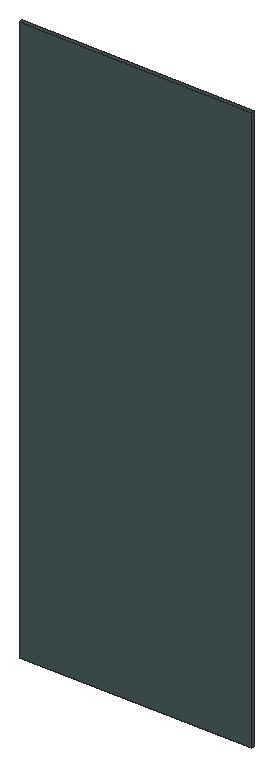
Revit family "MOMENTUM_PANEL_CLARA SILK", category Generic Models, Revit 2022
Family settings
  Can host rebar = No
  Round Connector Dimension = Use Diameter
  Part Type = Normal
  Work Plane-Based = No
  Always vertical = Yes
  Cut with Voids When Loaded = No
  Maintain Annotation Orientation = No
  Shared = No
  Room Calculation Point = No
Parameters (values of type "clara_silk_panel-mineral-09579392")
  Warranty URL = "https://momentumtextilesandwalls.com/products/09579227/warranty"
  URL = "https://momentumtextilesandwalls.com/solutions/acoustics"
  Type Comments = ""
  Support Email = "customerservice@momtex.com"
  Product Page URL = "https://momentumtextilesandwalls.com/pages/solutions/acoustics/panels"
  Product Name = "PINDROP PANELS - Clara Silk"
  Product Documetation Link = "https://momentumtextilesandwalls.com/pages/solutions/acoustics/resources"
  Pindrop Color = Pindrop - Clara Silk Mineral
  Model = "09579392"
  Material = "1/2\" PET Acoustic Felt"
  Manufacturer Phone Number = "+1 800.366.6839"
  Manufacturer Email = "customerservice@momtex.com"
  Manufacturer Address = "17811 Fitch, Irvine, California 92614"
  Manufacturer = "Momentum"
  Keynote = "09840.A1"
  Instruction Sheet Link = "https://momentumtextilesandwalls-res.cloudinary.com/image/upload/v1/pdf/solid_color_installation_guide.pdf?_a=AAFIKDQ"
  Installation Type = "Construction Adhesive"
  Description = "WALL TO WALL, FLOOR TO CEILING: complete coverage for noisy spaces. Panels can be easily trimmed on-site or made to your exact measurements to ensure a perfect fit. Available in solid colors, textured colors and etched or printed Statement Patterns. Made from recycled PET felt (0.5\"), Red List free with an NRC value of 0.45-0.9.\r\nCLARA SILK texture pattern: An abstract organic design element, available in 6 colors, that contributes to calm, quiet, welcoming spaces. Inspired by hand-painted watercolor and ocean waves."
  Default Elevation = 0"
  Cost = 0
  Copyright = "Copyright © 2023 Momentum"
  Assembly Code = "C3010140"
Types (6): name | Pindrop Color | Model
  clara_silk_panel-aegean-09579414 | Pindrop - Clara Silk Agean | "09579414"
  clara_silk_panel-cloudburst-09579370 | Pindrop - Clara Silk Cloudburst | "09579370"
  clara_silk_panel-mineral-09579392 | Pindrop - Clara Silk Mineral | "09579392"
  clara_silk_panel-nappa-09579381 | Pindrop - Clara Silk Nappa | "09579381"
  clara_silk_panel-stone-09579403 | Pindrop - Clara Silk Stone | "09579403"
  clara_silk_panel-terracotta-09579425 | Pindrop - Clara Silk Terracotta | "09579425"
Reference planes (in)
  plane 1 "Center (Front/Back)": y = 0
  plane 2: z = 0
  plane 3 "Center (Left/Right)": x = 0
  plane 4: y = -0.5
Forms (in)
  Extrusion 1, solid, material "Pindrop - Clara Silk Mineral" <- "Pindrop Color"
    sketch origin (0, 0, 0) x (1, 0, 0) y (0, 0, 1)
      loop
        line (0, 0) -> (48, 0) -> (48, 118) -> (0, 118) -> (0, 0)
    from 0 to 0.5
Dimensions and locks (in)
  locked: Extrusion 1 sketch curve to Extrusion 1 sketch curve at 48
  locked: Extrusion 1 sketch curve to Extrusion 1 sketch curve at 118
  plane 4 to plane 1 "Center (Front/Back)" = 1/2"
  aligned and locked: level to plane 2
  aligned and locked: Extrusion 1 sketch curve to level
  aligned and locked: Extrusion 1 sketch curve to plane 3 "Center (Left/Right)"
  aligned and locked: Extrusion 1 to plane 1 "Center (Front/Back)"
  aligned and locked: Extrusion 1 to plane 4
